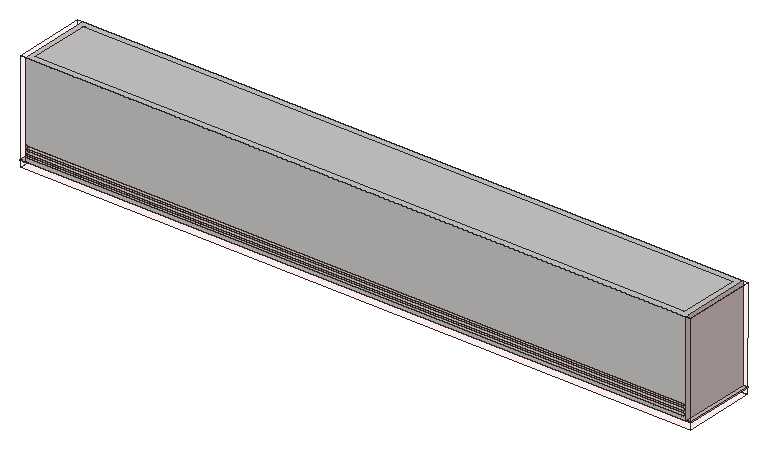
Revit family "Air-Curtain_Specialty_PoweredAire_HDX-Hazardous", category Mechanical Equipment, host Face, Revit 2025
Family settings
  Host = Face
  Round Connector Dimension = Use Diameter
  Part Type = Normal
  OmniClass Number = 23.75.35.17.21
  OmniClass Title = Air Curtains
  Cut with Voids When Loaded = No
  Maintain Annotation Orientation = No
  Shared = No
  Room Calculation Point = No
Parameters (values of type "192'' Nozzle")
  Warranty Duration (Years) = 0
  Unit Width Notes = "Other Widths available."  # constant formula
  Unit Width = 16' - 3 1/4"
  Unit Weight = 1170
  Unit Height = 1' - 9"
  Unit Depth = 2' - 3 1/4"
  URL = "http://www.poweredaire.com/"
  Test Data = ""
  Standards Conformance = "Class I C and D  ;  Class II F and G  ;  Made in USA"
  Specification = "http://www.arcat.com/sdspecs/htm04/23_34_33pai.htm"
  SpecWizard = ""
  Sound Pressure = ">69 dBA"
  Sales Information = "http://www.poweredaire.com/contact_us"
  Revision = "R1_2016-08"
  Projection from Host [instance] = 0' - 2"
  Product Properties = ""
  Product Data = "http://www.arcat.com/arcatcos/cos47/arc47623.html"
  Power Rating = 0 W
  Nozzle Width = if(1 = 1, Unit Width - 0' 3", 0' 0")  # 16' - 0 1/4"
  Mounting Width = if(1 = 1, Unit Width - 0' 1 1/2", 0' 0")  # 16' - 1 3/4"
  Mounting Height [instance] = 3' - 6"
  Motor RPM = 1160
  Motor HP = 3
  Motor Count = 3
  Model = "HDX-3-192"
  Max Height = 17' - 0"
  Manufacturer Website = "http://www.poweredaire.com/"
  Manufacturer Phone - Toll Free = "888-321-2473"
  Manufacturer Phone = "724-588-3305"
  Manufacturer Fax = "724-588-3371"
  Manufacturer Address = "109 Mortensen Rd.  Greenville, PA 16125"
  Manufacturer = "Powered Aire, Inc"
  Maintenance Schedule (Months) = 0
  Keynote = "23 34 33"
  Installation-Fabrication = ""
  Installation Phase = ""
  Include Clearance [instance] = yes
  Heating Element Load = 0 W
  HVAC_Temperature Rise = 0 °F
  HVAC_Outlet Volume = 15700 CFM
  HVAC_Outlet Velocity Uniformity = 0.863
  HVAC_Outlet Velocity = 6200 FPM
  Green Building-LEED = "http://www.arcat.com/green/clients/leed_data_47623.html"
  Front Grating Material [instance] = Metal - Steel - PoweredAire - Stainless 304 Perforated
  Frame Finish [instance] = Metal - Steel - PoweredAire - Stainless 304
  Expected Lifespan (Years) = 0
  Electrical_Wattage [instance] = Power Rating + Heating Element Load  # 0 W
  Electrical_Voltage [instance] = 0 V
  Electrical_Phase [instance] = 1
  Electrical_Frequency [instance] = 0 Hz
  Electrical_Amperage [instance] = 0 A
  Drawn By = "Sumex Design, Inc. / Robert S. Weygant, CSI, CDT, SCIP"
  Description = "Powered Aire Unheated Hazardous Area Air Curtain - HDX-3-192 as Specified"
  Default Elevation = 0' - 0"  # constant formula
  Copyright = "©Arcat Inc."
  Construction Details = "http://www.arcat.com/details/powair/prod3336.html"
  Clearance_Top [instance] = 0' - 0"
  Clearance_Side B [instance] = 0' - 0"
  Clearance_Side A [instance] = 0' - 0"
  Clearance_Intake [instance] = 0' - 0"
  Clearance_Bottom [instance] = 0' - 0"
  Clearance Material [instance] = ARCAT Clearance
  Building Codes = ""
  Available Options [instance] = "as Specified"
  Assembly Code = "D3090400"
Types (7): name | Unit Width | Unit Weight | Sound Pressure | Nozzle Width | Mounting Width | Motor Count | Model | HVAC_Outlet Volume | HVAC_Outlet Velocity Uniformity | HVAC_Outlet Velocity | Description
  192'' Nozzle | 16' - 3 1/4" | 1170 | ">69 dBA" | 16' - 0 1/4" | 16' - 1 3/4" | 3 | "HDX-3-192" | 15700 CFM | 0.863 | 6200 FPM | "Powered Aire Unheated Hazardous Area Air Curtain - HDX-3-192 as Specified"
  180'' Nozzle | 15' - 3 1/4" | 1150 | ">69 dBA" | 15' - 0 1/4" | 15' - 1 3/4" | 3 | "HDX-3-180" | 15000 CFM | 0.863 | 6200 FPM | "Powered Aire Unheated Hazardous Area Air Curtain - HDX-3-180 as Specified"
  144'' Nozzle | 12' - 3 1/8" | 830 | ">69 dBA" | 12' - 0 1/8" | 12' - 1 5/8" | 2 | "HDX-2-144" | 11200 CFM | 0.863 | 5900 FPM | "Powered Aire Unheated Hazardous Area Air Curtain - HDX-2-144 as Specified"
  132'' Nozzle | 11' - 3 1/8" | 805 | ">69 dBA" | 11' - 0 1/8" | 11' - 1 5/8" | 2 | "HDX-2-132" | 10400 CFM | 0.863 | 5900 FPM | "Powered Aire Unheated Hazardous Area Air Curtain - HDX-2-132 as Specified"
  120'' Nozzle | 10' - 3 1/8" | 785 | ">69 dBA" | 10' - 0 1/8" | 10' - 1 5/8" | 2 | "HDX-2-120" | 9700 CFM | 0.92 | 5800 FPM | "Powered Aire Unheated Hazardous Area Air Curtain - HDX-2-120 as Specified"
  72'' Nozzle | 6' - 3" | 420 | "69 dBA" | 6' - 0" | 6' - 1 1/2" | 1 | "HDX-1-72" | 5600 CFM | 0.863 | 5900 FPM | "Powered Aire Unheated Hazardous Area Air Curtain - HDX-1-72 as Specified"
  60'' Nozzle | 5' - 3" | 400 | "69 dBA" | 5' - 0" | 5' - 1 1/2" | 1 | "HDX-1-60" | 4900 CFM | 0.92 | 5800 FPM | "Powered Aire Unheated Hazardous Area Air Curtain - HDX-1-60 as Specified"
Reference planes (in)
  plane 1 "Center (Elevation)": y = 10.63818
  plane 2: z = 0
  plane 3 "Center (Left/Right)": x = 0
  plane 4: y = 21.13818
  plane 5 "BoC": y = 0.13818
  plane 6: x = -97.625
  plane 7: x = 97.625
  plane 8: z = 29.25
  plane 9 "FF": y = -41.86182
  plane 10: z = 2
  plane 11: x = 96.125
  plane 12: x = -96.125
  plane 13: y = 21.13818
  plane 14: y = 0.13818
  plane 15: x = -97.625
  plane 16: x = 97.625
  plane 17: z = 29.25
  plane 18: y = 0.13818
  plane 19: x = 96.0625
  plane 20: x = -96.0625
Forms (in)
  Extrusion 1, solid, material "ARCAT Clearance" <- "Clearance Material", visible <- "Include Clearance"
    sketch origin (0, 0, 0) x (0, 1, 0) y (0, 0, 1)
      loop
        line (0.13818, 29.25) -> (0.13818, 0) -> (21.13818, 0) -> (21.13818, 29.25) -> (0.13818, 29.25)
    from -97.625 to 97.625
  Extrusion 2, solid, material "Metal - Steel - PoweredAire - Stainless 304" <- "Frame Finish"
    sketch origin (0, 10.63818, 0) x (1, 0, 0) y (0, 0, 1)
      loop
        line (96.125, 29.25) -> (-96.125, 29.25) -> (-96.125, 2) -> (96.125, 2) -> (96.125, 29.25)
    from -10.5 to 10.5
  Extrusion 3, void
    sketch origin (0, 0, 0) x (0, 1, 0) y (0, 0, 1)
      loop
        line (0.13818, 4) -> (0.13818, 3) -> (1.63818, 3) -> (1.63818, 6.5) -> (0.13818, 6.5) -> (0.13818, 5.5) -> (1.38818, 5.5) -> (1.38818, 5.25) -> (0.13818, 5.25) -> (0.13818, 4.25) -> (1.38818, 4.25) -> (1.38818, 4) -> (0.13818, 4)
    from -96.0625 to 96.0625
  Extrusion 4, solid, material "Metal - Steel - PoweredAire - Stainless 304" <- "Frame Finish"
    sketch origin (-15.17702, -180, 2) x (-1, 0, 0) y (0, -1, 0)
      loop
        line (-111.30202, -201.13818) -> (-111.30202, -180.13818) -> (-112.80202, -180.13818) -> (-112.80202, -201.13818) -> (-111.30202, -201.13818)
      loop
        line (80.94798, -201.13818) -> (82.44798, -201.13818) -> (82.44798, -180.13818) -> (80.94798, -180.13818) -> (80.94798, -201.13818)
    from 0 to 0.125
  Extrusion 5, solid, material "Metal - Steel - PoweredAire - Stainless 304 Perforated" <- "Front Grating Material"
    sketch origin (96.125, 10.63818, 29.25) x (-1, 0, 0) y (0, -1, 0)
      loop
        line (1.5, -9) -> (190.75, -9) -> (190.75, 9) -> (1.5, 9) -> (1.5, -9)
    from 0 to 0.03125
Cuts and joins
  Extrusion 3 cuts Extrusion 2
Dimensions and locks (in)
  equal spacing: plane 4, plane 1 "Center (Elevation)", plane 5 "BoC"
  "Unit Height": plane 4 to plane 5 "BoC"
  equal spacing: plane 6, plane 3 "Center (Left/Right)", plane 7
  "Unit Width": plane 6 to plane 7
  "Mounting Height": plane 5 "BoC" to plane 9 "FF"
  "Projection from Host": plane 10 to level
  "Unit Depth": plane 8 to plane 10
  locked: plane 6 to plane 12 at 1.5
  locked: plane 11 to plane 7 at 1.5
  "Clearance_Side A": plane 7 to plane 16
  "Clearance_Side B": plane 15 to plane 6
  "Clearance_Top": plane 13 to plane 4
  "Clearance_Bottom": plane 5 "BoC" to plane 14
  "Clearance_Intake": plane 17 to plane 8
  locked: plane 7 to Extrusion 2 sketch curve at 1.5
  locked: Extrusion 2 sketch curve to plane 6 at 1.5
  locked: plane 18 to plane 5 "BoC" at 0
  locked: plane 12 to Extrusion 5 sketch curve at 1.5
  locked: Extrusion 5 sketch curve to plane 11 at 1.5
  locked: Extrusion 5 sketch curve to plane 5 "BoC" at 1.5
  locked: plane 20 to plane 12 at 0.0625
  locked: plane 11 to plane 19 at 0.0625
  Extrusion 3 sketch curve to Extrusion 3 sketch curve to Extrusion 3 sketch curve to Extrusion 3 sketch curve to Extrusion 3 sketch curve to Extrusion 3 sketch curve to plane 10 = 0' - 1" locked, 0' - 0 1/4" locked, 0' - 1" locked, 0' - 0 1/4" locked, 0' - 1" locked, 0' - 1" locked
  locked: plane 4 to Extrusion 5 sketch curve at 1.5
  aligned and locked: plane 2 to host face
  aligned and locked: level to host face
  aligned and locked: Extrusion 1 sketch curve to plane 17
  aligned and locked: plane 14 to Extrusion 1 sketch curve
  aligned and locked: level to Extrusion 1 sketch curve
  aligned and locked: Extrusion 1 sketch curve to plane 13
  aligned and locked: plane 16 to Extrusion 1
  aligned and locked: Extrusion 1 to plane 15
  aligned and locked: Extrusion 2 to plane 4
  aligned and locked: Extrusion 2 to plane 18
  aligned and locked: Extrusion 4 sketch curve to plane 4  (x2)
  aligned and locked: Extrusion 2 sketch curve to plane 10
  aligned and locked: Extrusion 3 to plane 20
  aligned and locked: plane 19 to Extrusion 3
  aligned and locked: Extrusion 2 sketch curve to plane 8
  aligned and locked: plane 18 to Extrusion 4 sketch curve  (x2)
Automatic sketch dimensions
  host sketch curve to host sketch curve = 8' - 0"  (x2)
  Extrusion 4 sketch curve to plane 7 = 0' - 0"
  Extrusion 4 sketch curve to plane 11 = 0' - 0"
  Extrusion 4 sketch curve to plane 12 = 0' - 0"
  Extrusion 4 sketch curve to plane 6 = 0' - 0"
  Extrusion 3 sketch curve to plane 5 "BoC" = 0' - 0"  (x3)
  plane 18 to Extrusion 3 sketch curve = 0' - 1 1/4"
  Extrusion 3 sketch curve to Extrusion 3 sketch curve = 0' - 0"
  Extrusion 3 sketch curve to Extrusion 3 sketch curve = 0' - 0 1/4"
Connectors (in)
  electrical at (-96.125, 10.63818, 15.625), driven by "Electrical_Voltage", driven by "Electrical_Phase"
    settings: on cut or joined group of Extrusion 2, Extrusion 3, index 1, voltage 0 V, apparent load 0 VA, apparent load phase1 0 VA, apparent load phase2 0 VA, apparent load phase3 0 VA, power factor 1, load classification "Other", number of poles 1, system type 31, power factor state 1, is connector primary yes, connector utility no, sub classification motor no, connector description ""
